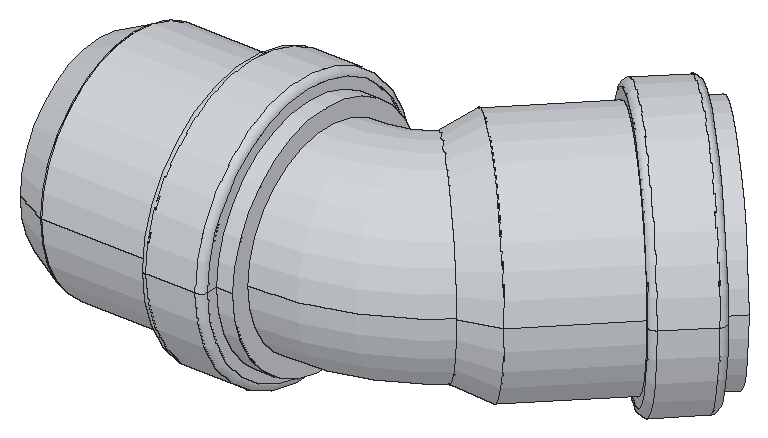
Revit family "RAUPIANO PLUS Bend", category Pipe Fittings, Revit 2012
Parameters (values of type "Standard")
  z2 [instance] = size_lookup(Lookup Table Name, "z2", 0 mm, Nominal Diameter, alpha)  # 14 mm
  z1 [instance] = size_lookup(Lookup Table Name, "z1", 0 mm, Nominal Diameter, alpha)  # 10 mm
  w [instance] = alpha  # 45.00°
  tmin [instance] = size_lookup("RAUPIANO Pipe.csv", "tmin", 0 mm, Nominal Diameter)  # 42.3 mm
  re [instance] = de / 2  # 20 mm
  de [instance] = size_lookup("RAUPIANO Pipe.csv", "de", 0 mm, Nominal Diameter)  # 40 mm
  Type Comments = "RAU-PP; Push-fit; White"  # constant formula
  Thermal expansion coefficient [instance] = "0,09 mm/m.K"  # constant formula
  Temperature resistance [instance] = "90°C (continuous), 95°C (short term)"  # constant formula
  T9 = "DN 50 - 87 degree"
  T8 = "DN 50 - 67 degree"
  T7 = "DN 50 - 45 degree"
  T6 = "DN 50 - 30 degree"
  T5 = "DN 50 - 15 degree"
  T4 = "DN 40 - 87 degree"
  T32 = "DN 200 - 87 degree"
  T31 = "DN 200 - 45 degree"
  T30 = "DN 160 - 87 degree"
  T3 = "DN 40 - 45 degree"
  T29 = "DN 160 - 45 degree"
  T28 = "DN 125 - 87 degree"
  T27 = "DN 125 - 67 degree"
  T26 = "DN 125 - 45 degree"
  T25 = "DN 125 - 30 degree"
  T24 = "DN 125 - 15 degree"
  T23 = "DN 110 - 87 degree"
  T22 = "DN 110 - 67 degree"
  T21 = "DN 110 - 45 degree"
  T20 = "DN 110 - 30 degree"
  T2 = "DN 40 - 30 degree"
  T19 = "DN 110 - 15 degree"
  T18 = "DN 90 - 87 degree"
  T17 = "DN 90 - 45 degree"
  T16 = "DN 90 - 30 degree"
  T15 = "DN 90 - 15 degree"
  T14 = "DN 75 - 87 degree"
  T13 = "DN 75 - 67 degree"
  T12 = "DN 75 - 45 degree"
  T11 = "DN 75 - 30 degree"
  T10 = "DN 75 - 15 degree"
  T1 = "DN 40 - 15 degree"
  Spec Text [instance] = if(and(D = 40 mm, w = 15.00°), T1, if(and(D = 40 mm, w = 30.00°), T2, if(and(D = 40 mm, w = 45.00°), T3, if(and(D = 40 mm, w = 87.00°), T4, if(and(D = 50 mm, w = 15.00°), T5, if(and(D = 50 mm, w = 30.00°), T6, if(and(D = 50 mm, w = 45.00°), T7, if(and(D = 50 mm, w = 67.00°), T8, if(and(D = 50 mm, w = 87.00°), T9, if(and(D = 75 mm, w = 15.00°), T10, if(and(D = 75 mm, w = 30.00°), T11, if(and(D = 75 mm, w = 45.00°), T12, if(and(D = 75 mm, w = 67.00°), T13, if(and(D = 75 mm, w = 87.00°), T14, if(and(D = 90 mm, w = 15.00°), T15, if(and(D = 90 mm, w = 30.00°), T16, if(and(D = 90 mm, w = 45.00°), T17, if(and(D = 90 mm, w = 87.00°), T18, if(and(D = 110 mm, w = 15.00°), T19, if(and(D = 110 mm, w = 30.00°), T20, if(and(D = 110 mm, w = 45.00°), T21, if(and(D = 110 mm, w = 67.00°), T22, if(and(D = 110 mm, w = 87.00°), T23, if(and(D = 125 mm, w = 15.00°), T24, if(and(D = 125 mm, w = 30.00°), T25, if(and(D = 125 mm, w = 45.00°), T26, if(and(D = 125 mm, w = 67.00°), T27, if(and(D = 125 mm, w = 87.00°), T28, if(and(D = 160 mm, w = 45.00°), T29, if(and(D = 160 mm, w = 87.00°), T30, if(and(D = 200 mm, w = 45.00°), T31, if(and(D = 200 mm, w = 87.00°), T32, Fail))))))))))))))))))))))))))))))))  # "DN 40 - 45 degree"
  Pressure resistance [instance] = "1 bar (100 kPa, 10m)"  # constant formula
  Model = ""
  Materialcode SAP [instance] = if(and(D = 40 mm, w = 15.00°), M1, if(and(D = 40 mm, w = 30.00°), M2, if(and(D = 40 mm, w = 45.00°), M3, if(and(D = 40 mm, w = 87.00°), M4, if(and(D = 50 mm, w = 15.00°), M5, if(and(D = 50 mm, w = 30.00°), M6, if(and(D = 50 mm, w = 45.00°), M7, if(and(D = 50 mm, w = 67.00°), M8, if(and(D = 50 mm, w = 87.00°), M9, if(and(D = 75 mm, w = 15.00°), M10, if(and(D = 75 mm, w = 30.00°), M11, if(and(D = 75 mm, w = 45.00°), M12, if(and(D = 75 mm, w = 67.00°), M13, if(and(D = 75 mm, w = 87.00°), M14, if(and(D = 90 mm, w = 15.00°), M15, if(and(D = 90 mm, w = 30.00°), M16, if(and(D = 90 mm, w = 45.00°), M17, if(and(D = 90 mm, w = 87.00°), M18, if(and(D = 110 mm, w = 15.00°), M19, if(and(D = 110 mm, w = 30.00°), M20, if(and(D = 110 mm, w = 45.00°), M21, if(and(D = 110 mm, w = 67.00°), M22, if(and(D = 110 mm, w = 87.00°), M23, if(and(D = 125 mm, w = 15.00°), M24, if(and(D = 125 mm, w = 30.00°), M25, if(and(D = 125 mm, w = 45.00°), M26, if(and(D = 125 mm, w = 67.00°), M27, if(and(D = 125 mm, w = 87.00°), M28, if(and(D = 160 mm, w = 45.00°), M29, if(and(D = 160 mm, w = 87.00°), M30, if(and(D = 200 mm, w = 45.00°), M31, if(and(D = 200 mm, w = 87.00°), M32, Fail))))))))))))))))))))))))))))))))  # "11230841001"
  Manufacturer = "REHAU"  # constant formula
  M9 = "11211341001"
  M8 = "11211241001"
  M7 = "11211141001"
  M6 = "11211041001"
  M5 = "11210941001"
  M4 = "11230941001"
  M32 = "11236641001"
  M31 = "11236541001"
  M30 = "11240291001"
  M3 = "11230841001"
  M29 = "11240281001"
  M28 = "11235141001"
  M27 = "11235041001"
  M26 = "11234941001"
  M25 = "11234841001"
  M24 = "11234741001"
  M23 = "11234641001"
  M22 = "11234541001"
  M21 = "11234441001"
  M20 = "11234341001"
  M2 = "11230741001"
  M19 = "11234241001"
  M18 = "11234141001"
  M17 = "11234041001"
  M16 = "11233941001"
  M15 = "11233841001"
  M14 = "11211841001"
  M13 = "11211741001"
  M12 = "11211641001"
  M11 = "11211541001"
  M10 = "11211441001"
  M1 = "11230641001"
  Health and environmental impact [instance] = "Halogen-free (no F, Cl, Br, J) and 100% recyclable"  # constant formula
  Fire load [instance] = "14.992 kJ/kg"  # constant formula
  Fire behaviour [instance] = "B2 (DIN 4102); D,S3-d0 (EN 13501-1)"  # constant formula
  Fail = "No article found"
  Description = "REHAU RAUPIANO PLUS bend"  # constant formula
  D [instance] = Nominal Diameter  # 40 mm
  Class [instance] = "SN4"  # constant formula
  Chemical resistance [instance] = "pH 2 - 12"  # constant formula
  Belt thickness [instance] = ((Dmax / 2) - Sleeve Radius 1)  # 3.5 mm
  bmin [instance] = size_lookup("RAUPIANO Pipe.csv", "bmin", 0 mm, Nominal Diameter)  # 3.5 mm
  Sleeve Radius 2 [instance] = (Dmax + de) / 4  # 23.5 mm
  Sleeve Radius 1 [instance] = (Dmax + de) / 4  # 23.5 mm
  Sleeve Length 2 [instance] = tmin + bmin  # 45.8 mm
  Sleeve Length 1 [instance] = tmin + bmin  # 45.8 mm
  Nominal Radius [instance] = 20 mm
  Nominal Diameter [instance] = Nominal Radius * 2  # 40 mm
  Loss Method = K Coefficient from Table
  Lookup Table Name = "RAUPIANO Bend.csv"
  K Coefficient Table = "Regular 45, 90 and 180 Elbow"
  Dmax [instance] = size_lookup("RAUPIANO Pipe.csv", "Dmax", 0 mm, Nominal Diameter)  # 54 mm
  Center to End [instance] = Center Radius * tan(alpha / 2)  # 12.343 mm
  Center Radius [instance] = (z1 + (z2 / cos(alpha))) / tan(alpha)  # 29.799 mm
  alpha [instance] = 45.00°
  Belt Radius 2 [instance] = ((Dmax / 2) - Sleeve Radius 2) / 2.5  # 1.4 mm
  Belt Radius 1 [instance] = ((Dmax / 2) - Sleeve Radius 1) / 2.5  # 1.4 mm
  Belt Length 2 [instance] = 3 / 10 * tmin  # 12.69 mm
  Belt Length 1 [instance] = 3 / 10 * tmin  # 12.69 mm
  Article No [instance] = if(and(D = 40 mm, w = 15.00°), A1, if(and(D = 40 mm, w = 30.00°), A2, if(and(D = 40 mm, w = 45.00°), A3, if(and(D = 40 mm, w = 87.00°), A4, if(and(D = 50 mm, w = 15.00°), A5, if(and(D = 50 mm, w = 30.00°), A6, if(and(D = 50 mm, w = 45.00°), A7, if(and(D = 50 mm, w = 67.00°), A8, if(and(D = 50 mm, w = 87.00°), A9, if(and(D = 75 mm, w = 15.00°), A10, if(and(D = 75 mm, w = 30.00°), A11, if(and(D = 75 mm, w = 45.00°), A12, if(and(D = 75 mm, w = 67.00°), A13, if(and(D = 75 mm, w = 87.00°), A14, if(and(D = 90 mm, w = 15.00°), A15, if(and(D = 90 mm, w = 30.00°), A16, if(and(D = 90 mm, w = 45.00°), A17, if(and(D = 90 mm, w = 87.00°), A18, if(and(D = 110 mm, w = 15.00°), A19, if(and(D = 110 mm, w = 30.00°), A20, if(and(D = 110 mm, w = 45.00°), A21, if(and(D = 110 mm, w = 67.00°), A22, if(and(D = 110 mm, w = 87.00°), A23, if(and(D = 125 mm, w = 15.00°), A24, if(and(D = 125 mm, w = 30.00°), A25, if(and(D = 125 mm, w = 45.00°), A26, if(and(D = 125 mm, w = 67.00°), A27, if(and(D = 125 mm, w = 87.00°), A28, if(and(D = 160 mm, w = 45.00°), A29, if(and(D = 160 mm, w = 87.00°), A30, if(and(D = 200 mm, w = 45.00°), A31, if(and(D = 200 mm, w = 87.00°), A32, Fail))))))))))))))))))))))))))))))))  # "123084-001"
  Application [instance] = "Not to be exposed to UV-radiation"  # constant formula
  Acoustic properties [instance] = "Rw + Ctr 42 (with industry standard suspended ceiling)"  # constant formula
  A9 = "121134-001"
  A8 = "121124-001"
  A7 = "121114-001"
  A6 = "121104-001"
  A5 = "121094-001"
  A4 = "123094-001"
  A32 = "123664-001"
  A31 = "123654-001"
  A30 = "124029-001"
  A3 = "123084-001"
  A29 = "124028-001"
  A28 = "123514-001"
  A27 = "123504-001"
  A26 = "123494-001"
  A25 = "123484-001"
  A24 = "123474-001"
  A23 = "123464-001"
  A22 = "123454-001"
  A21 = "123444-001"
  A20 = "123434-001"
  A2 = "123074-001"
  A19 = "123424-001"
  A18 = "123414-001"
  A17 = "123404-001"
  A16 = "123394-001"
  A15 = "123384-001"
  A14 = "121184-001"
  A13 = "121174-001"
  A12 = "121164-001"
  A11 = "121154-001"
  A10 = "121144-001"
  A1 = "123064-001"
Reference planes
  plane 1 "Center (Front/Back)": y = 0
  plane 2: z = 0
  plane 3 "Center (Left/Right)": x = 0
  plane 4: x = -12.343
  plane 5: y = 29.799
  plane 6: x = -51.143
  plane 7: x = -54.643
  plane 8: x = -58.143
  plane 9: x = -15.843
  plane 10: x = -28.533
Forms (mm)
  Sweep 1, solid, detail levels fine
    path in 3D
      loop
        line (-51.143, 0, 0) -> (-12.343, 0, 0)
    profile origin (-31.743, 0, 0) x (0, 1, 0) y (0, 0, 1)
      loop
        circle (0, 0) r 23.5
  Sweep 2, solid, detail levels fine
    path in 3D
      loop
        arc (-12.343, 0, 0) -> (-0.94, 2.268, 0) -> (8.728, 8.728, 0) r 29.799
    profile origin (-0.94, 2.268, 0) x (-0.382683, 0.92388, 0) y (0, 0, 1)
      loop
        circle (0, 0) r 20
  Revolve 3, solid, detail levels fine
    sketch origin (8.728, 8.728, 0) x (0.707107, 0.707107, 0) y (-0.707107, 0.707107, 0)
      loop
        line (38.8, -23.5) -> (26.11, -23.5) -> (26.11, -25.6)
        arc (26.11, -25.6) -> (26.52, -26.59) -> (27.51, -27) r 1.4
        line (27.51, -27) -> (37.4, -27)
        arc (37.4, -27) -> (38.39, -26.59) -> (38.8, -25.6) r 1.4
        line (38.8, -25.6) -> (38.8, -23.5)
      axis (26.11, 0) -> (38.8, 0)
    angle from 0 to 360
  SweptBlend 4, solid, detail levels fine
    path in 3D
      loop
        line (11.203, 11.203, 0) -> (6.253, 6.253, 0)
    profile origin (11.203, 11.203, 0) x (0.707107, -0.707107, 0) y (0, 0, 1)
      loop
        circle (0, 0) r 23.5
    end profile origin (6.253, 6.253, 0) x (0.707107, -0.707107, 0) y (0, 0, 1)
      loop
        circle (0, 0) r 20
  Sweep 5, solid, detail levels fine
    path in 3D
      loop
        line (11.203, 11.203, 0) -> (38.639, 38.639, 0)
    profile origin (24.921, 24.921, 0) x (-0.707107, 0.707107, 0) y (0, 0, 1)
      loop
        circle (0, 0) r 23.5
  SweptBlend 6, solid, detail levels fine
    path in 3D
      loop
        line (-51.143, 0, 0) -> (-58.143, 0, 0)
    profile origin (-51.143, 0, 0) x (0, -1, 0) y (0, 0, 1)
      loop
        circle (0, 0) r 23.5
    end profile origin (-58.143, 0, 0) x (0, -1, 0) y (0, 0, 1)
      loop
        circle (0, 0) r 20
  Revolve 7, solid, detail levels fine
    sketch origin (0, 0, 0) x (1, 0, 0) y (0, 1, 0)
      loop
        line (-28.533, -23.5) -> (-28.533, -25.6)
        arc (-28.533, -25.6) -> (-28.123, -26.59) -> (-27.133, -27) r 1.4
        line (-27.133, -27) -> (-17.243, -27)
        arc (-17.243, -27) -> (-16.253, -26.59) -> (-15.843, -25.6) r 1.4
        line (-15.843, -25.6) -> (-15.843, -23.5) -> (-28.533, -23.5)
      axis (-15.843, 0) -> (-28.533, 0)
    angle from 0 to 360
Lines and regions (mm)
  reference lines
    curve 1: line (-51.143, 0, 0) -> (-12.343, 0, 0)
    curve 2: arc (-12.343, 0, 0) -> (-0.94, 2.268, 0) -> (8.728, 8.728, 0) r 29.799
    curve 3: line (8.728, 8.728, 0) -> (38.639, 38.639, 0)
    curve 6: line (10.573, 43.807, 0) -> (43.807, 10.573, 0)
    curve 7: line (19.547, 52.781, 0) -> (52.781, 19.547, 0)
    curve 8: line (8.728, 8.728, 0) -> (11.203, 11.203, 0)
    curve 9: line (11.203, 11.203, 0) -> (38.639, 38.639, 0)
    curve 10: line (11.203, 11.203, 0) -> (6.253, 6.253, 0)
    curve 13: line (-51.143, 0, 0) -> (-58.143, 0, 0)
  sketch lines
    curve 4: line (-51.143, 0, 0) -> (-12.343, 0, 0)
    curve 5: arc (-12.343, 0, 0) -> (-0.94, 2.268, 0) -> (8.728, 8.728, 0) r 29.799
    curve 11: line (11.203, 11.203, 0) -> (6.253, 6.253, 0)
    curve 12: line (11.203, 11.203, 0) -> (38.639, 38.639, 0)
    curve 14: line (-51.143, 0, 0) -> (-58.143, 0, 0)
  model lines, style "PipeFitting", detail levels coarse+medium
    curve 15: line (-58.143, 20, 0) -> (-58.143, -20, 0)
    curve 16: line (-12.343, 0, 0) -> (-58.143, 0, 0)
    curve 17: arc (-12.343, 0, 0) -> (-0.94, 2.268, 0) -> (8.728, 8.728, 0) r 29.799
    curve 18: line (6.253, 6.253, 0) -> (38.639, 38.639, 0)
    curve 19: line (24.496, 52.781, 0) -> (52.781, 24.496, 0)
  model lines, style "Symbol", detail levels coarse+medium
    curve 20: line (38.639, 38.639, 20) -> (38.639, 38.639, -20)
    curve 21: line (-58.143, 0, 20) -> (-58.143, 0, -20)
Dimensions and locks
  "Center to End": plane 4 to plane 3 "Center (Left/Right)"
  "Center Radius": plane 5 to plane 1 "Center (Front/Back)"
  "tmin": plane 7 to plane 4
  "tmin": curve 3 to curve 3
  locked: plane 5 to curve 2 at 0
  locked: plane 4 to curve 2 at 0
  equal spacing: curve 6, curve 3, curve 6
  "Sleeve Radius 2": curve 6 to curve 3
  equal spacing: curve 7, curve 3, curve 7
  "Belt thickness": curve 7 to curve 3
  "Sleeve Radius 2": curve 7 to curve 3
  "Belt Length 2": curve 6 to curve 7
  "Belt thickness": Revolve 3 sketch curve to Revolve 3 sketch curve
  "bmin": curve 8 to curve 8
  "bmin": curve 8 to curve 10
  equal spacing: plane 8, plane 7, plane 6
  "bmin": plane 7 to plane 6
  "Belt thickness": plane 9 to plane 4
  "Belt Length 1": plane 10 to plane 9
  "Belt thickness": Revolve 7 sketch curve to Revolve 7 sketch curve
  "Sleeve Radius 1": Revolve 7 sketch curve to plane 1 "Center (Front/Back)"
  "de": curve 15 to curve 15
  equal spacing: curve 15, plane 1 "Center (Front/Back)", curve 15
  "de": curve 19 to curve 19
  equal spacing: curve 19, curve 18, curve 19
  "Sleeve Length 2": curve 18 to curve 18
  equal spacing: curve 20, curve 9, curve 20
  "Nominal Radius": curve 9 to curve 20
  equal spacing: curve 21, level, curve 21
  "Nominal Radius": curve 21 to level
  "Center Radius": radius of curve 2
  "Sleeve Radius 1": radius of Sweep 1 sketch curve
  "re": radius of Sweep 2 sketch curve
  "Belt Radius 2": radius of Revolve 3 sketch curve  (x2)
  "Sleeve Radius 2": radius of SweptBlend 4 sketch curve
  "re": radius of SweptBlend 4 sketch curve
  "Sleeve Radius 2": radius of Sweep 5 sketch curve
  "Sleeve Radius 1": radius of SweptBlend 6 sketch curve
  "re": radius of SweptBlend 6 sketch curve
  "Belt Radius 1": radius of Revolve 7 sketch curve  (x2)
  "alpha": angle curve 2 to curve 2
  "alpha": angle plane 1 "Center (Front/Back)" to curve 3
  "alpha": angle curve 17 to curve 17
  locked: curve 18 to curve 19 (angle 90.00°)
  aligned and locked: plane 1 "Center (Front/Back)" to curve 1
  aligned and locked: plane 4 to curve 2
  aligned and locked: Revolve 3 sketch curve to curve 3
  aligned and locked: curve 7 to Revolve 3 sketch curve
  aligned and locked: curve 6 to Revolve 3 sketch curve
  aligned and locked: Revolve 3 sketch curve to curve 6
  aligned and locked: Revolve 3 sketch curve to Revolve 3 sketch curve
  aligned and locked: Sweep 2 to curve 8
  aligned and locked: curve 8 to curve 3
  aligned and locked: curve 3 to curve 9
  aligned and locked: plane 6 to curve 13
  aligned and locked: plane 8 to curve 13
  aligned and locked: Revolve 7 sketch curve to plane 9
  aligned and locked: Revolve 7 sketch curve to plane 10
  aligned and locked: Revolve 7 sketch curve to Revolve 7 sketch curve
  aligned and locked: curve 15 to plane 8
  aligned and locked: plane 4 to curve 16
  aligned and locked: plane 1 "Center (Front/Back)" to curve 17
  aligned and locked: curve 18 to curve 3
  aligned and locked: curve 19 to curve 3
  aligned and locked: curve 20 to curve 3
  aligned and locked: curve 21 to plane 8
Automatic sketch dimensions
  Sweep 1 sketch curve to profile plane = 0 mm  (x2)
  Sweep 2 sketch curve to profile plane = 0 mm
  profile plane to Sweep 2 sketch curve = 0 mm
  Revolve 3 sketch curve to curve 3 = 0 mm  (x2)
  curve 8 to curve 3 = 0 mm
  curve 9 to curve 3 = 0 mm
  SweptBlend 4 sketch curve to profile plane = 0 mm  (x4)
  Sweep 5 sketch curve to profile plane = 0 mm
  profile plane to Sweep 5 sketch curve = 0 mm
  SweptBlend 6 sketch curve to profile plane = 0 mm  (x4)
  Revolve 7 sketch curve to plane 1 "Center (Front/Back)" = 0 mm
  Revolve 7 sketch curve to plane 8 = 1428.071 mm
  plane 3 "Center (Left/Right)" to Revolve 7 sketch curve = 1524 mm
  curve 17 to plane 5 = 0 mm
Connectors
  piping at (-58.143, 0, 0), driven by "Nominal Radius"
    settings: on SweptBlend 6, index 1, connector radius 20 mm, flow factor 0, pipe flow 0.0 L/s, pressure drop 0.0 Pa, fitting loss kfactor 0, connector angle 0.00°, fixture units 0, engagement length 0 mm, flow configuration 0, flow direction 0, fitting loss method 0, system type 28, joint type 0, gender type 0, connector reference index 2, connector utility 0, adjustable connector no, is connector primary yes, fitting loss table "", connector description ""
  piping at (38.639, 38.639, 0), driven by "alpha", driven by "Nominal Radius"
    settings: on Sweep 5, index 2, connector radius 20 mm, flow factor 0, pipe flow 0.0 L/s, pressure drop 0.0 Pa, fitting loss kfactor 0, connector angle 45.00°, fixture units 0, engagement length 0 mm, flow configuration 0, flow direction 0, fitting loss method 0, system type 28, joint type 0, gender type 0, connector reference index 1, connector utility 0, adjustable connector no, is connector primary no, fitting loss table "", connector description ""
